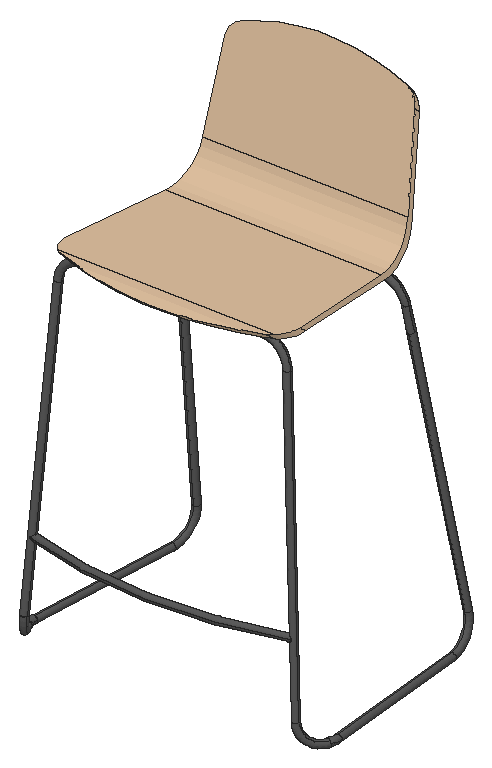
Revit family "FU_Stool_Sandler_Ann-4-1", category Furniture, Revit 2020
Family settings
  OmniClass Number = 23.40.20.00
  OmniClass Title = General Furniture and Specialties
  Work Plane-Based = No
  Always vertical = Yes
  Cut with Voids When Loaded = No
  Shared = No
  Room Calculation Point = No
Parameters (values of type "Ann 4.1")
  URL = "https://www.sandlerseating.com/product/ann-4-1/"
  Seat [instance] = Wood - Oak - Natural - V
  Model = "Ann 4.1"
  Manufacturer = "Sandler"
  Frame [instance] = Epoxy - M1_B00 - Black
  Description = "Counter stool with optional oval cut out in back. Wood seat and steel sled base."
  Default Elevation = 0 mm
Reference planes
  plane 1 "Center (Front/Back)": y = 0
  plane 2: z = 0
  plane 3 "Center (Left/Right)": x = 0
  plane 4: x = -255
  plane 5: x = 255
  plane 6: y = 210
  plane 7: y = -210
  plane 8: z = 650
  plane 9: z = 885
  plane 10 "1": through (-189.796, 297.978, 573.553) normal (-0.9935, 0.0752, 0.0851)
  plane 11 "3": through (-222.043, -196.039, 48.852) normal (0.8469, 0.5292, -0.0523)
Forms (mm)
  Sweep 1, solid, material "Epoxy - M1_B00 - Black" <- "Frame"
    path origin (-258.232, 19.54, 20.231) x (0.084809, -0.006417, 0.996377) y (0.075453, 0.997149, 0)
      loop
        line (506.37, 115.118) -> (38.066, 194.589)
        arc (38.066, 194.589) -> (1.501, 184.602) -> (-14.462, 150.223) r 45
        line (-14.462, 150.223) -> (-14.462, -130.067)
    profile origin (-223.462, 172.205, 291.463) x (-0.088578, -0.982021, -0.166701) y (-0.993536, 0.075179, 0.085052)
      loop
        circle (0, -0.159) r 6
  Sweep 2, solid, material "Epoxy - M1_B00 - Black" <- "Frame"
    path origin (0, 118.296, 594.887) x (0, 0.173648, -0.984808) y (1, 0, 0)
      loop
        line (71.28, 206.537) -> (25.204, 203.256)
        arc (25.204, 203.256) -> (-4.53, 189.038) -> (-16.599, 158.369) r 45
        line (-16.599, 158.369) -> (-16.599, -158.369)
        arc (-16.599, -158.369) -> (-4.53, -189.038) -> (25.204, -203.256) r 45
        line (25.204, -203.256) -> (71.28, -206.537)
    profile origin (0, 115.414, 611.234) x (0, 0.173648, -0.984808) y (0, -0.984808, -0.173648)
      loop
        circle (0, 0) r 6
  Sweep 3, solid, material "Epoxy - M1_B00 - Black" <- "Frame"
    path origin (-248.236, 170.967, 0) x (-0.075453, -0.997149, 0) y (0.997149, -0.075453, 0)
      loop
        arc (281.852, 0) -> (290.705, 1.336) -> (298.769, 5.225) r 30
    profile origin (-268.838, -119.01, 0) x (0.975008, 0.222168, 0) y (0, 0, 1)
      loop
        circle (0, 6) r 6
  Sweep 4, solid, material "Epoxy - M1_B00 - Black" <- "Frame"
    path origin (0, -138.362, 599.891) x (0, -0.052336, -0.99863) y (1, 0, 0)
      loop
        line (551.827, -240.425) -> (18.971, -203.164)
        arc (18.971, -203.164) -> (-12.48, -187.058) -> (-22.604, -153.205) r 45
        arc (-22.604, -153.205) -> (-13.904, 0.027) -> (-22.431, 153.268) r 1367.333
        arc (-22.431, 153.268) -> (-12.285, 187.09) -> (19.15, 203.176) r 45
        line (19.15, 203.176) -> (551.827, 240.425)
    profile origin (-221.794, -153.299, 314.883) x (-0.997564, 0.003651, 0.069661) y (0, -0.99863, 0.052336)
      loop
        circle (0, 0) r 6
  Sweep 5, solid, material "Epoxy - M1_B00 - Black" <- "Frame"
    path origin (0, -160.669, 174.263) x (0, -1, 0) y (1, 0, 0)
      loop
        arc (0.33, 229.035) -> (37.145, -0.026) -> (0.33, -229.088) r 731.026
    profile origin (-0.026, -197.813, 174.263) x (0, -1, 0) y (0, 0, 1)
      loop
        circle (0, 0) r 6
  Sweep 6, solid, material "Epoxy - M1_B00 - Black" <- "Frame"
    path origin (-129.444, 108.84, 174.263) x (0, -1, 0) y (0, 0, 1)
      loop
        line (-0.601, 437.17) -> (240.51, 445.007)
    profile origin (-129.444, -11.114, 615.352) x (0, 0.032484, 0.999472) y (-1, 0, 0)
      loop
        circle (0, 0) r 6
  Sweep 7, solid, material "Epoxy - M1_B00 - Black" <- "Frame"
    path origin (129.444, 108.84, 174.263) x (0, -1, 0) y (0, 0, -1)
      loop
        line (-0.601, -437.17) -> (240.51, -445.007)
    profile origin (129.444, -11.114, 615.352) x (0, -0.032484, -0.999472) y (1, 0, 0)
      loop
        circle (0, 0) r 6
  Extrusion 8, solid, material "Wood - Oak - Natural - V" <- "Seat"
    sketch origin (-129.444, 81.34, 169.263) x (0, -1, 0) y (0, 0, 1)
      loop
        arc (-176.203, 841.265) -> (-118.823, 680.259) -> (-82.559, 513.225) r 1330.39
        arc (-82.559, 513.225) -> (-56.102, 466.525) -> (-5.213, 449.463) r 75
        line (-5.213, 449.463) -> (236.676, 459.739)
        arc (236.676, 459.739) -> (257.872, 459.155) -> (278.445, 454.024) r 97.937
        arc (278.445, 454.024) -> (284.865, 456.988) -> (281.901, 463.408) r 5
        arc (281.901, 463.408) -> (259.228, 469.063) -> (235.868, 469.706) r 107.937
        line (235.868, 469.706) -> (-3.345, 459.643)
        arc (-3.345, 459.643) -> (-49.153, 474.995) -> (-73.017, 517.002) r 67.603
        arc (-73.017, 517.002) -> (-109.525, 684.116) -> (-167.018, 845.22) r 1340.39
        arc (-167.018, 845.22) -> (-173.588, 847.835) -> (-176.203, 841.265) r 5
    from -384.444 to 125.556
  Extrusion 9, void
    sketch origin (0, -530.697, 530.697) x (0, 0.707107, 0.707107) y (-1, 0, 0)
      loop
        line (1156.837, 598.048) -> (136.837, 598.048) -> (136.837, -501.952) -> (1156.837, -501.952) -> (1156.837, 598.048)
      loop
        line (724.084, 167.793) -> (371.373, 205.537)
        arc (371.373, 205.537) -> (351.366, 200.552) -> (339.302, 183.831) r 30
        arc (339.302, 183.831) -> (313.701, 0.095) -> (338.313, -183.777) r 685.365
        arc (338.313, -183.777) -> (350.354, -200.608) -> (370.428, -205.638) r 30
        line (370.428, -205.638) -> (725.002, -167.695)
        arc (725.002, -167.695) -> (740.774, -161.111) -> (750.391, -146.982) r 30
        arc (750.391, -146.982) -> (773.049, 0.221) -> (749.411, 147.27) r 479.147
        arc (749.411, 147.27) -> (739.778, 161.272) -> (724.084, 167.793) r 30
    from -524.4 to 250
  Sweep 10, solid, material "Epoxy - M1_B00 - Black" <- "Frame"
    path origin (-249.276, -155.765, 15.405) x (0.044383, 0.027734, 0.99863) y (0.529919, -0.848048, 0)
      loop
        arc (33.708, 14.446) -> (1.206, 0.257) -> (-9.16, -33.658) r 42.418
    profile origin (-249.086, -155.95, 16.609) x (-0.319424, 0.584919, 0.745546) y (0.846886, 0.529193, -0.052336)
      loop
        circle (0, 0) r 6
  Sweep 11, solid, material "Epoxy - M1_B00 - Black" <- "Frame"
    path origin (258.232, 19.54, 20.231) x (-0.084809, -0.006417, 0.996377) y (0.075453, -0.997149, 0)
      loop
        line (506.37, -115.118) -> (38.066, -194.589)
        arc (38.066, -194.589) -> (1.501, -184.602) -> (-14.462, -150.223) r 45
        line (-14.462, -150.223) -> (-14.462, 130.067)
    profile origin (223.462, 172.205, 291.463) x (-0.088578, 0.982021, 0.166701) y (0.993536, 0.075179, 0.085052)
      loop
        circle (0, -0.159) r 6
  Sweep 12, solid, material "Epoxy - M1_B00 - Black" <- "Frame"
    path origin (248.236, 170.967, 0) x (0.075453, -0.997149, 0) y (0.997149, 0.075453, 0)
      loop
        arc (281.852, 0) -> (290.705, -1.336) -> (298.769, -5.225) r 30
    profile origin (268.838, -119.01, 0) x (0.975008, -0.222168, 0) y (0, 0, 1)
      loop
        circle (0, 6) r 6
  Sweep 13, solid, material "Epoxy - M1_B00 - Black" <- "Frame"
    path origin (249.276, -155.765, 15.405) x (-0.044383, 0.027734, 0.99863) y (0.529919, 0.848048, 0)
      loop
        arc (33.708, -14.446) -> (1.206, -0.257) -> (-9.16, 33.658) r 42.418
    profile origin (249.086, -155.95, 16.609) x (-0.319424, -0.584919, -0.745546) y (-0.846886, 0.529193, -0.052336)
      loop
        circle (0, 0) r 6
Cuts and joins
  Extrusion 9 cuts Extrusion 8
Dimensions and locks
  aligned and locked: level to plane 2
